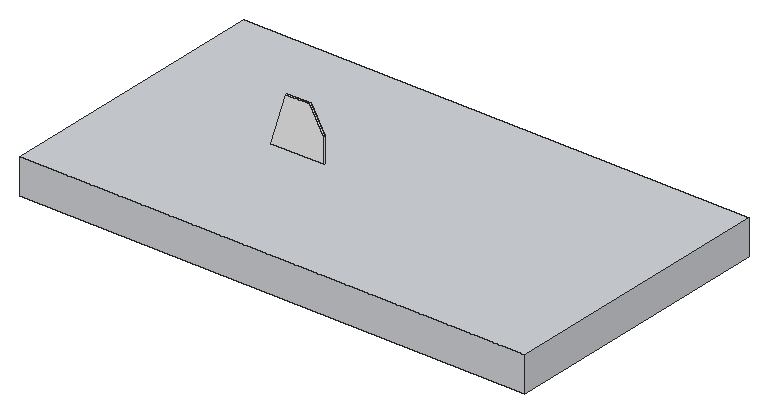
Revit family "M_Placa de gorjal-Diferenciada", category Conexões estruturais, Revit 2019
Family settings
  Hospedeiro = Face
  Material para o comportamento do modelo = Outros
  Número OmniClass = 23.20.40.11.21
  Título OmniClass = Mechanical Fasteners for Metal Structures
  ID de item do Seek = Gusset Plate-Odd 2-0000-CAN-ENU
  Ativar corte em vistas = Não
  Corte com vazios quando carregada = Não
  Compartilhado = Não
Parameters (values of type "Padrão")
  Espessura [instance] = 12.5 mm
  Material da placa = Metal - Aço - 345 MPa (1)
  Comprimento do chanfro [instance] = 250 mm
  Comprimento [instance] = 460 mm
  L2 [instance] = Comprimento do chanfro * sin(Ângulo)  # 125 mm
  L1 [instance] = 130 mm
  Altura [instance] = 430 mm
  H1 [instance] = Comprimento do chanfro * cos(Ângulo)  # 216.506 mm
  Elevação-padrão = 1200 mm
  Ângulo [instance] = 30.00°
Reference planes
  plane 1 "Centro (Frente/Trás)": y = 0
  plane 2: z = 0
  plane 3 "Centro (Esquerda/Direita)": x = 0
  plane 4: z = 430
  plane 5: y = 6.25
  plane 6: y = -6.25
  plane 7: x = 460
  plane 8: x = 0
  plane 9: z = 430
  plane 10: x = 460
  plane 11: x = 335
  plane 12: z = 213.494
  plane 13: x = 130
Forms (mm)
  Extrusion 1, solid
    sketch origin (0, 0, 0) x (1, 0, 0) y (0, 1, 0)
      loop
        line (-1219.2, 1219.2) -> (-1219.2, -1219.2) -> (3185.238, -1219.2) -> (3185.238, 1219.2) -> (-1219.2, 1219.2)
    from 0 to -304.8
  Extrusion 2, solid, material "Metal - Aço - 345 MPa (1)" <- "Material da placa"
    sketch origin (0, 0, 0) x (1, 0, 0) y (0, 0, 1)
      loop
        line (335, 430) -> (130, 430) -> (0, 0) -> (460, 0) -> (460, 213.494) -> (335, 430)
    from -6.25 to 6.25
Lines and regions (mm)
  reference lines
    curve 1: line (0, 0, 0) -> (744.782, 0, 430)
Dimensions and locks
  "Altura": plane 4 to plane 2
  equal spacing: plane 6, plane 1 "Centro (Frente/Trás)", plane 5
  "Espessura": plane 6 to plane 5
  "Comprimento": plane 8 to plane 7
  "H1": plane 4 to plane 12
  "L2": plane 7 to plane 11
  "L1": plane 8 to plane 13
  "Comprimento do chanfro": Extrusion 2 to Extrusion 2
  "Ângulo": angle plane 2 to curve 1
  aligned and locked: Extrusion 1 to plane 2
  aligned and locked: Extrusion 1 to level
  aligned and locked: plane 5 to Extrusion 2
  aligned and locked: plane 6 to Extrusion 2
  aligned and locked: plane 4 to curve 1
  aligned and locked: plane 3 "Centro (Esquerda/Direita)" to curve 1
  aligned and locked: plane 2 to curve 1
  aligned and locked: plane 8 to plane 3 "Centro (Esquerda/Direita)"
  aligned and locked: plane 4 to plane 9
  aligned and locked: plane 10 to plane 7
  aligned and locked: plane 4 to Extrusion 2 sketch curve
  aligned and locked: plane 7 to Extrusion 2 sketch curve
  aligned and locked: Extrusion 2 sketch curve to plane 2
  aligned and locked: plane 13 to Extrusion 2 sketch curve
  aligned and locked: plane 11 to Extrusion 2 sketch curve
  aligned and locked: plane 12 to Extrusion 2 sketch curve
  aligned and locked: plane 8 to Extrusion 2 sketch curve
Automatic sketch dimensions
  Extrusion 1 sketch curve to Extrusion 1 sketch curve = 4404.438 mm
  Extrusion 1 sketch curve to Extrusion 1 sketch curve = 2438.4 mm
